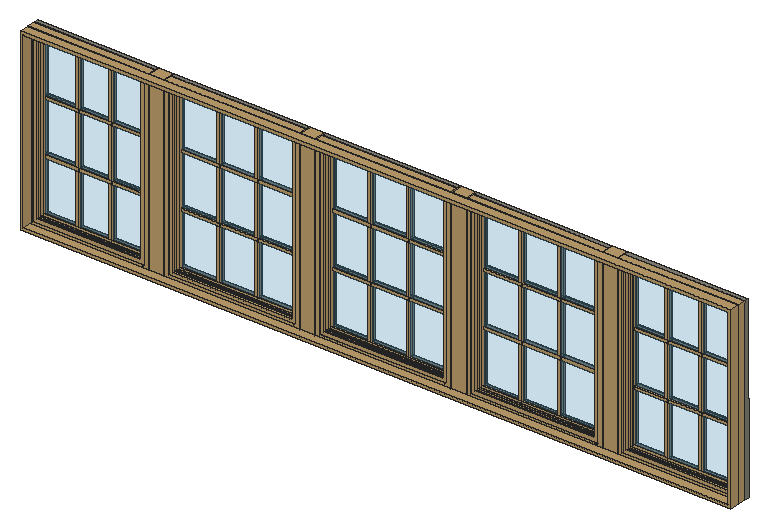
Revit family (continued)
Definition of nested family "Casement_Section_Detail"
  Definition of nested family "Sill_Detail"
    Parameters (values of type "Sill_Detail")
      Offset = 0' - 2 7/8"
      No Casing = not(Casing)  # yes
      Casing = no
      Assembly Code = ""
    Reference planes (in)
      plane 1 "Center (Front/Back)": y = 0
      plane 2: z = 0
      plane 3 "Center (Left/Right)": x = 0
      plane 4: y = 2.875
    Lines and regions (in)
      detail lines, style "Cut Lines", in view "Ref. Level"
        curve 1: line (2.1875, 0, 0) -> (2.1875, 1.188, 0)
        curve 2: line (-1.0625, 0, 0) -> (2.1875, 0, 0)
        curve 3: line (2.1875, 1.188, 0) -> (0.59375, 1.188, 0)
        curve 4: line (-1.0625, 0.625, 0) -> (-1.0625, 0, 0)
        curve 5: line (-1.0625, 0.625, 0) -> (0.59375, 0.625, 0)
        curve 6: line (2.09375, 1.188, 0) -> (2.09375, 2.5005, 0)
        curve 7: line (2.09375, 2.5005, 0) -> (0.59375, 2.5005, 0)
        curve 8: line (-0.625, 0.8125, 0) -> (-0.625, 1.09375, 0)
        curve 9: line (-1.03125, 0.8125, 0) -> (-0.625, 0.8125, 0)
        curve 10: line (-1.03125, 2.71875, 0) -> (-1.03125, 0.8125, 0)
        curve 11: line (-0.88989, 2.71875, 0) -> (-1.03125, 2.71875, 0)
        curve 12: line (-0.73364, 2.875, 0) -> (-0.88989, 2.71875, 0)
        curve 13: line (-0.65625, 2.21875, 0) -> (-0.65625, 2.875, 0)
        curve 14: line (0.125, 2.21875, 0) -> (-0.65625, 2.21875, 0)
        curve 15: line (0.125, 2.875, 0) -> (0.125, 2.21875, 0)
        curve 16: line (0.59375, 2.875, 0) -> (0.125, 2.875, 0)
        curve 17: line (0.59375, 0.625, 0) -> (0.59375, 2.875, 0)
        curve 18: line (-0.65625, 2.875, 0) -> (-0.73364, 2.875, 0)
        curve 19: line (-0.01999, 2.353, 0) -> (0.10501, 2.353, 0)
        curve 20: line (-0.51999, 2.46875, 0) -> (-0.01999, 2.46875, 0)
        curve 21: line (-0.51999, 2.71875, 0) -> (-0.01999, 2.71875, 0)
        curve 22: line (-0.64499, 2.353, 0) -> (-0.51999, 2.353, 0)
        curve 23: line (0.59375, 1.09375, 0) -> (-0.625, 1.09375, 0)
        curve 29: line (1.375, 2.5005, 0) -> (1.375, 3.28175, 0)
        curve 30: line (1, 3.28175, 0) -> (1, 2.5005, 0)
        curve 31: line (1.375, 3.28175, 0) -> (1, 3.28175, 0)
      detail lines, style "Cut Lines", in view "Ref. Level", visible <- "No Casing"
        curve 24: line (0, -1.5, 0) -> (0, -0.15, 0)
        curve 25: line (-0.04501, 0, 0) -> (-0.04501, -1.5, 0)
        curve 26: line (-0.04501, -1.5, 0) -> (0, -1.5, 0)
        curve 27: line (0.10999, -0.15, 0) -> (0.10999, 0, 0)
        curve 28: line (0, -0.15, 0) -> (0.10999, -0.15, 0)
      detail lines, style "Cut Lines", in view "Ref. Level", not visible
        curve 32: line (-0.88989, 2.71875, 0) -> (-1.03125, 2.71875, 0)
        curve 33: line (-0.73364, 2.875, 0) -> (-0.88989, 2.71875, 0)
        curve 34: line (-0.65625, 2.21875, 0) -> (-0.65625, 2.875, 0)
        curve 35: line (0.125, 2.21875, 0) -> (-0.65625, 2.21875, 0)
        curve 36: line (0.125, 2.875, 0) -> (0.125, 2.21875, 0)
        curve 37: line (0.59375, 2.875, 0) -> (0.125, 2.875, 0)
        curve 38: line (-0.65625, 2.875, 0) -> (-0.73364, 2.875, 0)
        curve 39: line (-0.01999, 2.353, 0) -> (0.10501, 2.353, 0)
        curve 40: line (-0.51999, 2.46875, 0) -> (-0.01999, 2.46875, 0)
        curve 41: line (-0.51999, 2.71875, 0) -> (-0.01999, 2.71875, 0)
        curve 42: line (-0.64499, 2.353, 0) -> (-0.51999, 2.353, 0)
    Dimensions and locks (in)
      "Offset": plane 1 "Center (Front/Back)" to plane 4
      plane 1 "Center (Front/Back)" to curve 7 to curve 31 = 0' - 2.5005" locked, 0' - 0 25/32" locked
      aligned and locked: curve 16 to plane 4
    Automatic sketch dimensions
      plane 1 "Center (Front/Back)" to curve 2 = 0' - 0"
      curve 26 to plane 3 "Center (Left/Right)" = 0' - 0"
      plane 4 to curve 17 = 0' - 0"
      curve 26 to plane 3 "Center (Left/Right)" = 0' - 0.04501"
      curve 23 to plane 3 "Center (Left/Right)" = 0' - 0 5/8"
      curve 9 to curve 8 = 0' - 0 13/32"
      curve 5 to curve 10 = 0' - 0 1/32"
      plane 3 "Center (Left/Right)" to curve 27 = 0' - 0.10999"
      plane 3 "Center (Left/Right)" to curve 23 = 0' - 0 19/32"
      curve 7 to curve 30 = 0' - 0 13/32"
      curve 30 to curve 29 = 0' - 0 3/8"
      curve 29 to curve 6 = 0' - 0 23/32"
      curve 6 to curve 1 = 0' - 0 3/32"
      plane 1 "Center (Front/Back)" to curve 28 = 0' - 0.15"
      curve 25 to curve 24 = 0' - 1.35"
      curve 4 to plane 1 "Center (Front/Back)" = 0' - 0 5/8"
      curve 4 to curve 10 = 0' - 0 3/16"
      curve 8 to curve 23 = 0' - 0 9/32"
      curve 23 to curve 3 = 0' - 0.09425"
      plane 4 to curve 10 = 0' - 0 5/32"
  Definition of nested family "Head_Detail"
    Parameters (values of type "Head_Detail")
      No Casing = not(Casing)  # yes
      Casing = no
      Assembly Code = ""
    Reference planes (in)
      plane 1 "Center (Front/Back)": y = 0
      plane 2: z = 0
      plane 3 "Center (Left/Right)": x = 0
    Lines and regions (in)
      detail lines, style "Cut Lines", in view "Ref. Level"
        curve 1: line (2.1875, 0, 0) -> (2.1875, -1.188, 0)
        curve 2: line (-1.0625, 0, 0) -> (2.1875, 0, 0)
        curve 3: line (2.1875, -1.188, 0) -> (0.59375, -1.188, 0)
        curve 4: line (-1.0625, -0.625, 0) -> (-1.0625, 0, 0)
        curve 5: line (-1.0625, -0.625, 0) -> (0.59375, -0.625, 0)
        curve 6: line (2.09375, -1.188, 0) -> (2.09375, -2.1255, 0)
        curve 7: line (2.09375, -2.1255, 0) -> (1.46852, -2.1255, 0)
        curve 8: line (1.46852, -2.313, 0) -> (1, -2.313, 0)
        curve 9: line (1, -2.5005, 0) -> (0.59375, -2.5005, 0)
        curve 10: line (1.46852, -2.1255, 0) -> (1.46852, -2.313, 0)
        curve 11: line (-0.625, -0.8125, 0) -> (-0.625, -1.09375, 0)
        curve 12: line (-1.03125, -0.8125, 0) -> (-0.625, -0.8125, 0)
        curve 13: line (-1.03125, -2.71875, 0) -> (-1.03125, -0.8125, 0)
        curve 14: line (-0.88989, -2.71875, 0) -> (-1.03125, -2.71875, 0)
        curve 15: line (-0.73364, -2.875, 0) -> (-0.88989, -2.71875, 0)
        curve 16: line (-0.65625, -2.21875, 0) -> (-0.65625, -2.875, 0)
        curve 17: line (0.125, -2.21875, 0) -> (-0.65625, -2.21875, 0)
        curve 18: line (0.125, -2.875, 0) -> (0.125, -2.21875, 0)
        curve 19: line (0.59375, -2.875, 0) -> (0.125, -2.875, 0)
        curve 20: line (0.59375, -0.625, 0) -> (0.59375, -2.875, 0)
        curve 21: line (-0.65625, -2.875, 0) -> (-0.73364, -2.875, 0)
        curve 22: line (-0.01999, -2.353, 0) -> (0.10501, -2.353, 0)
        curve 23: line (-0.51999, -2.46875, 0) -> (-0.01999, -2.46875, 0)
        curve 24: line (-0.51999, -2.71875, 0) -> (-0.01999, -2.71875, 0)
        curve 25: line (-0.64499, -2.353, 0) -> (-0.51999, -2.353, 0)
        curve 26: line (0.59375, -1.09375, 0) -> (-0.625, -1.09375, 0)
        curve 32: line (1.375, -2.313, 0) -> (1.375, -3.09425, 0)
        curve 33: line (1, -3.09425, 0) -> (1, -2.313, 0)
        curve 34: line (1.375, -3.09425, 0) -> (1, -3.09425, 0)
      detail lines, style "Cut Lines", in view "Ref. Level", visible <- "No Casing"
        curve 27: line (0, 1.5, 0) -> (0, 0.15, 0)
        curve 28: line (-0.04501, 0, 0) -> (-0.04501, 1.5, 0)
        curve 29: line (-0.04501, 1.5, 0) -> (0, 1.5, 0)
        curve 30: line (0.10999, 0.15, 0) -> (0.10999, 0, 0)
        curve 31: line (0, 0.15, 0) -> (0.10999, 0.15, 0)
